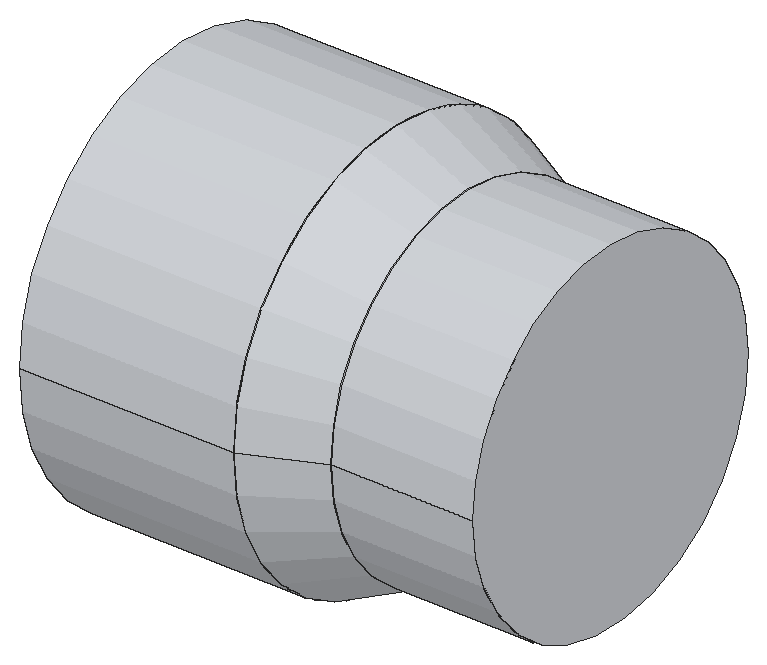
Revit family "Luva de redução reta - Rosqueada - CU", category Conexões de tubo, Revit 2019
Family settings
  Cota do conector redondo = Usar raio
  Tipo de parte = Transição
  Com base no plano de trabalho = Não
  Sempre na vertical = Sim
  Corte com vazios quando carregada = Não
  Compartilhado = Não
Parameters (values of type "Padrão")
  Visibilidade 3 [instance] = Diâmetro nominal 1 = Diâmetro nominal 2  # no
  Visibilidade 2 [instance] = Diâmetro nominal 1 < Diâmetro nominal 2  # no
  Visibilidade 1 [instance] = Diâmetro nominal 1 > Diâmetro nominal 2  # yes
  Tamanho da marca de cota 2 [instance] = Diâmetro externo da conexão 2 * 0.4  # 10.92 mm
  Tamanho da marca de cota 1 [instance] = Diâmetro externo da conexão 1 * 0.4  # 13 mm
  Diâmetro mínimo nominal 12 [instance] = if(Diâmetro nominal 1 > Diâmetro nominal 2, Diâmetro nominal 2, Diâmetro nominal 1)  # 15 mm
  Diâmetro nominal máximo 12 [instance] = if(Diâmetro nominal 1 > Diâmetro nominal 2, Diâmetro nominal 1, Diâmetro nominal 2)  # 20 mm
  Nome da tabela de pesquisa = "BR_Reducing Sleeve Straight - Threaded - CU"
  Comprimento [instance] = size_lookup(Nome da tabela de pesquisa, "Lgt", 1.11 * Diâmetro nominal máximo 12 + 0.01 * Diâmetro mínimo nominal 12 + 11.3 mm, Diâmetro nominal 1, Diâmetro nominal 2)  # 34 mm
  built-in parameter 1114211 [instance] = (empty or 0)
  built-in parameter 1114212 [instance] = (empty or 0)
  Raio nominal 2 [instance] = 7.5 mm
  Diâmetro nominal 2 [instance] = Raio nominal 2 * 2  # 15 mm
  Comprimento 2 [instance] = if(Diâmetro nominal 1 > Diâmetro nominal 2, 1 / 3 * Comprimento, 1 / 2 * Comprimento)  # 11.333 mm
  Raio externo da conexão 2 [instance] = Diâmetro externo da conexão 2 / 2  # 13.65 mm
  Raio externo da conexão 1 [instance] = Diâmetro externo da conexão 1 / 2  # 16.25 mm
  Diâmetro externo da conexão 2 [instance] = size_lookup(Nome da tabela de pesquisa, "FOD", 1.12 * Diâmetro nominal 2 + 10.5 mm, Diâmetro nominal 2)  # 27.3 mm
  Diâmetro externo da conexão 1 [instance] = size_lookup(Nome da tabela de pesquisa, "FOD", 1.12 * Diâmetro nominal 1 + 10.5 mm, Diâmetro nominal 1)  # 32.5 mm
  Raio nominal 1 [instance] = 10 mm
  Diâmetro nominal 1 [instance] = Raio nominal 1 * 2  # 20 mm
  Loss Method = 1
  Tabela de coeficiente K = "Transição de contração/alargamento"
  Comprimento 1 [instance] = if(Diâmetro nominal 1 > Diâmetro nominal 2, 1 / 2 * Comprimento, 1 / 3 * Comprimento)  # 17 mm
Reference planes
  plane 1 "Centro (Frente/Trás)": y = 0
  plane 2: z = 0
  plane 3 "Centro (Esquerda/Direita)": x = 0
  plane 4: y = 0
  plane 5: z = 0
  plane 6: x = 17
  plane 7: x = 34
  plane 8: x = 22.667
  plane 9: y = 13
  plane 10: y = -13
  plane 11: y = 10.92
  plane 12: y = -10.92
  plane 13: z = 13
  plane 14: z = 10.92
Forms (mm)
  Extrusion 1, solid, detail levels fine
    sketch origin (0, 0, 0) x (0, 1, 0) y (0, 0, 1)
      loop
        circle (0, 0) r 16.25
    from 0 to 17
  Extrusion 2, solid, detail levels fine
    sketch origin (25, -110.086, 1219.2) x (0, 1, 0) y (0, 0, 1)
      loop
        circle (110.086, -1219.2) r 13.65
    from -2.333 to 9
  Blend 3, solid, detail levels fine
    base sketch origin (0, 0, 0) x (0, 1, 0) y (0, 0, 1)
      loop
        circle (0, 0) r 16.25
    top sketch origin (0, 0, 0) x (0, 1, 0) y (0, 0, 1)
      loop
        circle (0, 0) r 13.65
    from 17 to 22.667
  Blend 4, solid, not visible
    base sketch origin (34, 41.566, 1219.2) x (0, 1, 0) y (0, 0, 1)
      loop
        line (-41.566, -1206.2) -> (-54.566, -1206.2) -> (-54.566, -1219.2) -> (-41.566, -1219.2) -> (-41.566, -1206.2)
    top sketch origin (34, 41.566, 1219.2) x (0, 1, 0) y (0, 0, 1)
      loop
        line (-30.646, -1208.28) -> (-41.566, -1208.28) -> (-41.566, -1219.2) -> (-30.646, -1219.2) -> (-30.646, -1208.28)
    from -34 to 0
  Blend 5, solid, not visible
    base sketch origin (0, 0, 0) x (0, 1, 0) y (0, 0, 1)
      loop
        line (13, 13) -> (0, 13) -> (0, 0) -> (13, 0) -> (13, 13)
    top sketch origin (0, 0, 0) x (0, 1, 0) y (0, 0, 1)
      loop
        line (0, 10.92) -> (-10.92, 10.92) -> (-10.92, 0) -> (0, 0) -> (0, 10.92)
    from 0 to 34
  Blend 6, solid, not visible
    base sketch origin (0, 0, 0) x (0, 1, 0) y (0, 0, 1)
      loop
        line (0, 13) -> (-13, 13) -> (-13, 0) -> (0, 0) -> (0, 13)
    top sketch origin (0, 0, 0) x (0, 1, 0) y (0, 0, 1)
      loop
        line (0, 10.92) -> (-10.92, 10.92) -> (-10.92, 0) -> (0, 0) -> (0, 10.92)
    from 0 to 34
Lines and regions (mm)
  model lines, visible <- "Visibilidade 1", detail levels coarse+medium
    curve 1: line (0, -13, 0) -> (34, 0, 0)
    curve 4: line (0, 13, 0) -> (34, 0, 0)
  model lines, visible <- "Visibilidade 2", detail levels coarse+medium
    curve 2: line (0, 0, 0) -> (34, 10.92, 0)
    curve 3: line (0, 0, 0) -> (34, -10.92, 0)
  model lines, visible <- "Visibilidade 3", detail levels coarse+medium
    curve 5: line (0, 0, 0) -> (34, 0, 0)
  model lines, detail levels coarse+medium
    curve 6: line (0, 0, 0) -> (0, -13, 0)
    curve 7: line (0, 0, 0) -> (0, 13, 0)
    curve 8: line (34, 10.92, 0) -> (34, 0, 0)
    curve 9: line (34, 0, 0) -> (34, -10.92, 0)
Dimensions and locks
  "Comprimento 1": plane 3 "Centro (Esquerda/Direita)" to plane 6
  "Comprimento": plane 3 "Centro (Esquerda/Direita)" to plane 7
  "Comprimento 2": plane 8 to plane 7
  "Tamanho da marca de cota 1": plane 9 to plane 1 "Centro (Frente/Trás)"
  equal spacing: plane 9, plane 1 "Centro (Frente/Trás)", plane 10
  "Tamanho da marca de cota 2": plane 11 to plane 4
  equal spacing: plane 11, plane 4, plane 12
  "Tamanho da marca de cota 1": plane 2 to plane 13
  "Tamanho da marca de cota 2": plane 14 to plane 5
  "Raio externo da conexão 1": radius of Extrusion 1 sketch curve
  "Raio externo da conexão 2": radius of Extrusion 2 sketch curve
  "Raio externo da conexão 1": radius of Blend 3 sketch curve
  "Raio externo da conexão 2": radius of Blend 3 sketch curve
  aligned and locked: plane 1 "Centro (Frente/Trás)" to Extrusion 1 sketch curve
  aligned and locked: plane 2 to Extrusion 1 sketch curve
  aligned and locked: Extrusion 1 to plane 3 "Centro (Esquerda/Direita)"
  aligned and locked: plane 6 to Extrusion 1
  aligned and locked: plane 5 to Extrusion 2 sketch curve
  aligned and locked: plane 4 to Extrusion 2 sketch curve
  aligned and locked: Extrusion 2 to plane 8
  aligned and locked: plane 7 to Extrusion 2
  aligned and locked: plane 2 to Blend 3 sketch curve
  aligned and locked: plane 1 "Centro (Frente/Trás)" to Blend 3 sketch curve
  aligned and locked: plane 5 to Blend 3 sketch curve
  aligned and locked: plane 4 to Blend 3 sketch curve
  aligned and locked: Blend 3 to plane 6
  aligned and locked: plane 8 to Blend 3
  aligned and locked: plane 13 to Blend 4 sketch curve
  aligned and locked: plane 1 "Centro (Frente/Trás)" to Blend 4 sketch curve
  aligned and locked: Blend 4 sketch curve to plane 10
  aligned and locked: level to Blend 4 sketch curve
  aligned and locked: Blend 4 sketch curve to plane 14
  aligned and locked: Blend 4 sketch curve to plane 4
  aligned and locked: Blend 4 sketch curve to plane 11
  aligned and locked: plane 5 to Blend 4 sketch curve
  aligned and locked: Blend 4 to plane 3 "Centro (Esquerda/Direita)"
  aligned and locked: plane 7 to Blend 4
  aligned and locked: plane 13 to Blend 5 sketch curve
  aligned and locked: Blend 5 sketch curve to plane 9
  aligned and locked: level to Blend 5 sketch curve
  aligned and locked: Blend 5 sketch curve to plane 1 "Centro (Frente/Trás)"
  aligned and locked: Blend 5 sketch curve to plane 14
  aligned and locked: plane 4 to Blend 5 sketch curve
  aligned and locked: plane 5 to Blend 5 sketch curve
  aligned and locked: Blend 5 sketch curve to plane 12
  aligned and locked: Blend 5 to plane 3 "Centro (Esquerda/Direita)"
  aligned and locked: plane 7 to Blend 5
  aligned and locked: plane 13 to Blend 6 sketch curve
  aligned and locked: plane 1 "Centro (Frente/Trás)" to Blend 6 sketch curve
  aligned and locked: level to Blend 6 sketch curve
  aligned and locked: Blend 6 sketch curve to plane 10
  aligned and locked: Blend 6 sketch curve to plane 14
  aligned and locked: plane 4 to Blend 6 sketch curve
  aligned and locked: plane 5 to Blend 6 sketch curve
  aligned and locked: Blend 6 sketch curve to plane 12
  aligned and locked: Blend 6 to plane 3 "Centro (Esquerda/Direita)"
  aligned and locked: plane 7 to Blend 6
  aligned and locked: curve 1 to Blend 4
  aligned and locked: plane 3 "Centro (Esquerda/Direita)" to curve 1
  aligned and locked: plane 7 to curve 1
  aligned and locked: curve 2 to Blend 4
  aligned and locked: plane 3 "Centro (Esquerda/Direita)" to curve 2
  aligned and locked: level to curve 2
  aligned and locked: plane 5 to curve 2
  aligned and locked: curve 3 to Blend 5
  aligned and locked: plane 3 "Centro (Esquerda/Direita)" to curve 3
  aligned and locked: level to curve 3
  aligned and locked: plane 7 to curve 3
  aligned and locked: plane 5 to curve 3
  aligned and locked: curve 4 to Blend 5
  aligned and locked: plane 3 "Centro (Esquerda/Direita)" to curve 4
  aligned and locked: level to curve 4
  aligned and locked: plane 5 to curve 4
  aligned and locked: plane 7 to curve 4
  aligned and locked: curve 5 to Blend 6
  aligned and locked: plane 3 "Centro (Esquerda/Direita)" to curve 5
  aligned and locked: level to curve 5
  aligned and locked: plane 7 to curve 5
  aligned and locked: plane 5 to curve 5
  aligned and locked: plane 10 to curve 6
  aligned and locked: plane 1 "Centro (Frente/Trás)" to curve 6
  aligned and locked: plane 9 to curve 7
  aligned and locked: level to curve 7
  aligned and locked: plane 11 to curve 8
  aligned and locked: plane 4 to curve 8
  aligned and locked: plane 12 to curve 9
  aligned and locked: curve 8 to plane 5
Automatic sketch dimensions
  curve 1 to Blend 4 = 0 mm  (x2)
  curve 2 to Blend 4 = 0 mm  (x2)
  curve 3 to Blend 5 = 0 mm  (x2)
  curve 4 to Blend 5 = 0 mm  (x2)
  curve 5 to Blend 6 = 0 mm  (x2)
Connectors
  piping at (0, 0, 0), diameter 20, driven by "Raio nominal 1"
    settings: on Extrusion 1, index 1, connector inside diameter 20 mm, connector length 0 mm, flow factor 0, pipe flow 0.0 L/s, pressure drop 0.0 Pa, fitting loss kfactor 0, connector angle 0.00°, fixture units 0, engagement length 0 mm, angle of deflection 0.00°, flow configuration 0, flow direction 0, fitting loss method 0, system type 28, joint type 0, gender type 0, connector reference index 2, connector utility 0, adjustable connector no, is connector primary yes, connector description ""
  piping at (34, 0, 0), diameter 15, driven by "Raio nominal 2"
    settings: on Extrusion 2, index 2, connector inside diameter 15 mm, connector length 0 mm, flow factor 0, pipe flow 0.0 L/s, pressure drop 0.0 Pa, fitting loss kfactor 0, connector angle 0.00°, fixture units 0, engagement length 0 mm, angle of deflection 0.00°, flow configuration 0, flow direction 0, fitting loss method 0, system type 28, joint type 0, gender type 0, connector reference index 1, connector utility 0, adjustable connector no, is connector primary no, connector description ""
